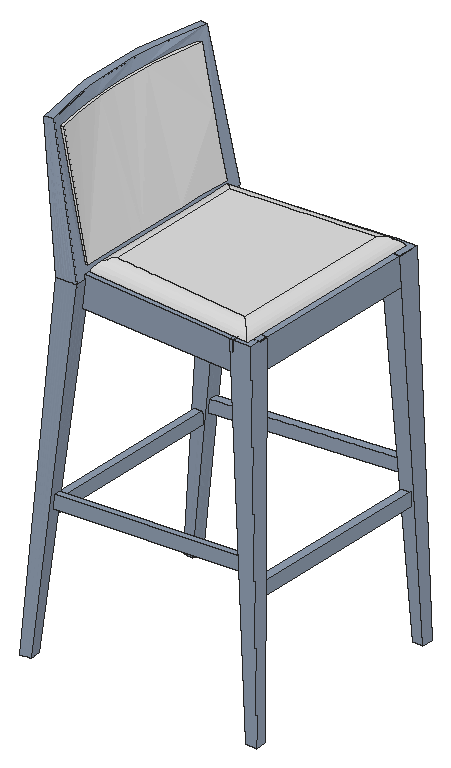
Revit family "FU_Stool_Sandler_FLAME 4-1", category Furniture, Revit 2020
Family settings
  OmniClass Number = 23.21.23.15.17
  Work Plane-Based = Yes
  Always vertical = No
  Cut with Voids When Loaded = No
  Shared = No
  Room Calculation Point = No
Parameters (values of type "FLAME 4.1")
  Youtube clip = ""
  Uniformat II Description = "Movable Furnishings"
  Uniformat II Code = ""
  Uniclass 2015 Name = ""
  Uniclass 2015 Code = ""
  Uniclass 2.0 Description = ""
  Uniclass 2.0 Code = ""
  Uniclass 1.4 Description = ""
  Uniclass 1.4 Code = ""
  UNSPSC Code = ""
  Technical description = ""
  Shell Material = Fabric - Gravity - Frost CPC32
  Frame Material = Wood - Beech - 5014 Light Blue
  Region South America = "All"
  Region Oceania = "All"
  Region North America = "All"
  Region Middle East = "All"
  Region Europe = "All"
  Region Asia = "All"
  Region Antarctica = "All"
  Region Africa = "All"
  QR code = "https://www.sandlerseating.com/product/flame-4-1/"
  Product url = "https://www.sandlerseating.com/product/flame-4-1/"
  Product name = "FLAME 4.1"
  Product group = "Chair"
  Product family = "Furniture"
  Product data url = "https://www.sandlerseating.com/product/flame-4-1/"
  Product certification = ""
  Product SKU = "??"
  Product Guid = "??"
  OmniClass Description = ""
  OmniClass Code = "23-21 23 15 17"
  NBS Reference Description = ""
  NBS Reference Code = ""
  Model = "FLAME 4.1"
  Masterformat 2014 Description = "Chair Mats"
  Masterformat 2014 Code = "12 48 43.13"
  Manufacturer name = "Sandler"
  Manufacturer country = "USA"
  Manufacturer = "Sandler"
  Installation instructions = ""
  IFC Classification = "Furnishing Element"
  GTIN code = ""
  Edition number = 1
  Design country = "Brasil"
  Description = "Chair"
  Default Elevation = 0.000 mm
  Date of publishing = ""
  COBIe Type Category = ""
  Brand url = "https://www.sandlerseating.com/"
  BIMobject main category code = "furniture"
  BIMobject main category = "Furniture"
  BIMobject category code = "furniture-chair"
  BIMobject category = "Chair"
Reference planes
  plane 1 "Center Front/Back": y = 0
  plane 2: z = 0
  plane 3 "Center Left/Right": x = 0
Forms (mm)
  Blend 1, solid, material "Wood - Beech - 5014 Light Blue" <- "Frame Material"
    base sketch origin (0, 0, 840) x (0, -1, 0) y (1, 0, 0)
      loop
        line (206.428, -244.245) -> (202.227, -228.065)
        arc (202.227, -228.065) -> (-0.191, -253.913) -> (-202.608, -228.065) r 805.507
        line (-202.608, -228.065) -> (-206.809, -244.245)
        arc (-206.809, -244.245) -> (-0.191, -271.195) -> (206.428, -244.245) r 805.507
    top sketch origin (0, 0, 840) x (0, -1, 0) y (1, 0, 0)
      loop
        line (212.798, -170.814) -> (-216.181, -170.814) -> (-216.181, -215.269) -> (212.798, -215.269) -> (212.798, -170.814)
    from 176.957 to -111.665
  Blend 2, solid, material "Wood - Beech - 5014 Light Blue" <- "Frame Material"
    base sketch origin (0, 0, 840) x (0, -1, 0) y (1, 0, 0)
      loop
        line (212.798, -170.814) -> (179.118, -170.814) -> (179.118, -215.269) -> (212.798, -215.269) -> (212.798, -170.814)
    top sketch origin (0, 0, 840) x (0, -1, 0) y (1, 0, 0)
      loop
        line (227.59, -278.14) -> (224.456, -255.841) -> (203.319, -258.812) -> (206.453, -281.11) -> (227.59, -278.14)
    from -111.665 to -840
  Blend 3, solid, material "Wood - Beech - 5014 Light Blue" <- "Frame Material"
    base sketch origin (0, 0, 840) x (0, 1, 0) y (-1, 0, 0)
      loop
        line (212.798, 170.814) -> (212.798, 215.269) -> (179.118, 215.269) -> (179.118, 170.814) -> (212.798, 170.814)
    top sketch origin (0, 0, 840) x (0, 1, 0) y (-1, 0, 0)
      loop
        line (227.59, 278.14) -> (206.453, 281.11) -> (203.319, 258.812) -> (224.456, 255.841) -> (227.59, 278.14)
    from -111.665 to -840
  Blend 4, solid, material "Wood - Beech - 5014 Light Blue" <- "Frame Material"
    base sketch origin (0, 0, 840) x (0, -1, 0) y (1, 0, 0)
      loop
        line (218.062, 156.436) -> (218.062, 199.544) -> (174.709, 199.544) -> (174.709, 156.436) -> (218.062, 156.436)
    top sketch origin (0, 0, 840) x (0, -1, 0) y (1, 0, 0)
      loop
        line (230.447, 199.544) -> (230.447, 221.783) -> (207.908, 221.783) -> (207.908, 199.544) -> (230.447, 199.544)
    from -97.151 to -840
  Blend 5, solid, material "Wood - Beech - 5014 Light Blue" <- "Frame Material"
    base sketch origin (0, 0, 840) x (0, 1, 0) y (-1, 0, 0)
      loop
        line (218.062, -156.436) -> (174.709, -156.436) -> (174.709, -199.544) -> (218.062, -199.544) -> (218.062, -156.436)
    top sketch origin (0, 0, 840) x (0, 1, 0) y (-1, 0, 0)
      loop
        line (230.447, -199.544) -> (207.908, -199.544) -> (207.908, -221.783) -> (230.447, -221.783) -> (230.447, -199.544)
    from -97.151 to -840
  Blend 6, solid, material "Wood - Beech - 5014 Light Blue" <- "Frame Material"
    base sketch origin (0, 0, 0) x (0, 1, 0) y (0, 0, 1)
      loop
        line (-218.062, 742.849) -> (-218.062, 682.971) -> (-204.937, 682.971) -> (-204.937, 742.849) -> (-218.062, 742.849)
    top sketch origin (0, 0, 0) x (0, 1, 0) y (0, 0, 1)
      loop
        line (-189.653, 672.324) -> (-174.929, 672.324) -> (-174.929, 737.913) -> (-189.653, 737.913) -> (-189.653, 672.324)
    from 161.383 to -192.54
  Blend 7, solid, material "Wood - Beech - 5014 Light Blue" <- "Frame Material"
    base sketch origin (0, 0, 0) x (0, -1, 0) y (0, 0, -1)
      loop
        line (-218.062, -742.849) -> (-204.937, -742.849) -> (-204.937, -682.971) -> (-218.062, -682.971) -> (-218.062, -742.849)
    top sketch origin (0, 0, 0) x (0, -1, 0) y (0, 0, -1)
      loop
        line (-189.653, -672.324) -> (-189.653, -737.913) -> (-174.929, -737.913) -> (-174.929, -672.324) -> (-189.653, -672.324)
    from 161.383 to -192.54
  Extrusion 8, void
    sketch origin (0, 0, 0) x (0, 1, 0) y (0, 0, 1)
      loop
        line (-184.086, 995.677) -> (-184.086, 753.309) -> (179.487, 753.309) -> (179.487, 995.677) -> (-184.086, 995.677)
    from -292.998 to -149.212
  Blend 9, solid, material "Fabric - Gravity - Frost CPC32" <- "Shell Material"
    base sketch origin (0, 0, 840) x (0, -1, 0) y (1, 0, 0)
      loop
        line (208.187, -251.02) -> (200.468, -221.289)
        arc (200.468, -221.289) -> (-0.191, -246.913) -> (-200.849, -221.289) r 798.507
        line (-200.849, -221.289) -> (-208.568, -251.02)
        arc (-208.568, -251.02) -> (-0.191, -278.195) -> (208.187, -251.02) r 812.507
    top sketch origin (0, 0, 840) x (0, -1, 0) y (1, 0, 0)
      loop
        line (212.798, -222.269) -> (212.798, -163.814) -> (-216.181, -163.814) -> (-216.181, -222.269) -> (212.798, -222.269)
    from 176.957 to -111.665
  Extrusion 10, void
    sketch origin (0, 0, 0) x (0, 1, 0) y (0, 0, 1)
      loop
        line (-184.086, 995.677) -> (-184.086, 753.309) -> (179.487, 753.309) -> (179.487, 995.677) -> (-184.086, 995.677)
      loop
        line (-306.176, 1081.033) -> (-306.176, 681.033) -> (293.824, 681.033) -> (293.824, 1081.033) -> (-306.176, 1081.033)
    from -292.998 to -149.212
  Blend 11, solid, material "Wood - Beech - 5014 Light Blue" <- "Frame Material"
    base sketch origin (0, 0, 0) x (0, 1, 0) y (0, 0, 1)
      loop
        line (-218.984, 341.9) -> (-218.984, 314.337) -> (-203.886, 314.337) -> (-203.886, 341.9) -> (-218.984, 341.9)
    top sketch origin (0, 0, 0) x (0, 1, 0) y (0, 0, 1)
      loop
        line (-211.675, 316.109) -> (-211.675, 288.589) -> (-197.037, 288.589) -> (-197.037, 316.109) -> (-211.675, 316.109)
    from 187.53 to -226.537
  Blend 12, solid, material "Wood - Beech - 5014 Light Blue" <- "Frame Material"
    base sketch origin (0, 0, 0) x (0, -1, 0) y (0, 0, -1)
      loop
        line (-218.062, -742.849) -> (-204.937, -742.849) -> (-204.937, -682.971) -> (-218.062, -682.971) -> (-218.062, -742.849)
    top sketch origin (0, 0, 0) x (0, -1, 0) y (0, 0, -1)
      loop
        line (-189.653, -672.324) -> (-189.653, -737.913) -> (-174.929, -737.913) -> (-174.929, -672.324) -> (-189.653, -672.324)
    from 161.383 to -192.54
  Blend 13, solid, material "Wood - Beech - 5014 Light Blue" <- "Frame Material"
    base sketch origin (0, 0, 0) x (0, -1, 0) y (0, 0, -1)
      loop
        line (-218.984, -341.9) -> (-203.886, -341.9) -> (-203.886, -314.337) -> (-218.984, -314.337) -> (-218.984, -341.9)
    top sketch origin (0, 0, 0) x (0, -1, 0) y (0, 0, -1)
      loop
        line (-211.675, -316.109) -> (-197.037, -316.109) -> (-197.037, -288.589) -> (-211.675, -288.589) -> (-211.675, -316.109)
    from 187.53 to -226.537
  Extrusion 14, solid, material "Wood - Beech - 5014 Light Blue" <- "Frame Material"
    sketch origin (0, 0, 0) x (-1, 0, 0) y (0, 0, 1)
      loop
        line (-187.472, 262.016) -> (-187.472, 290.491) -> (-205.852, 290.491) -> (-205.852, 262.016) -> (-187.472, 262.016)
    from -203.886 to 204.233
  Extrusion 15, solid, material "Wood - Beech - 5014 Light Blue" <- "Frame Material"
    sketch origin (0, 0, 0) x (-1, 0, 0) y (0, 0, 1)
      loop
        line (247.608, 289.985) -> (231.884, 289.985) -> (231.884, 263.123) -> (247.608, 263.123) -> (247.608, 289.985)
    from -203.886 to 203.799
  Extrusion 16, solid, material "Wood - Beech - 5014 Light Blue" <- "Frame Material"
    sketch origin (0, 0, 0) x (-1, 0, 0) y (0, 0, 1)
      loop
        line (-199.544, 742.849) -> (-199.544, 682.849) -> (-179.544, 682.849) -> (-179.544, 742.849) -> (-199.544, 742.849)
    from -193.749 to 204.937
  Extrusion 17, solid, material "Wood - Beech - 5014 Light Blue" <- "Frame Material"
    sketch origin (0, 0, 0) x (-1, 0, 0) y (0, 0, 1)
      loop
        line (215.269, 728.335) -> (192.54, 728.335) -> (192.54, 672.324) -> (215.269, 672.324) -> (215.269, 728.335)
    from -193.749 to 204.937
  Extrusion 18, solid, material "Fabric - Gravity - Frost CPC32" <- "Shell Material"
    sketch origin (0, 0, 840) x (0, -1, 0) y (1, 0, 0)
      loop
        line (179.892, -171.021) -> (211.435, 187.53) -> (-211.435, 187.53) -> (-179.892, -171.021) -> (179.892, -171.021)
    from -111.665 to -76.665
  Sweep 19, void
    path in 3D
      loop
        line (187.53, 211.435, 763.335) -> (-171.021, 179.892, 763.335) -> (-171.021, -179.892, 763.335) -> (187.53, -211.435, 763.335) -> (187.53, 211.435, 763.335)
    profile origin (187.53, 0, 763.335) x (-1, 0, 0) y (0, 0, 1)
      loop
        line (0, 0) -> (0, -35)
        arc (0, -35) -> (10.251, -10.251) -> (35, 0) r 35
        line (35, 0) -> (0, 0)
Cuts and joins
  Extrusion 8 cuts Blend 1
  Extrusion 10 cuts Blend 9
  Sweep 19 cuts Extrusion 18
Lines and regions (mm)
  sketch lines
    curve 1: line (187.53, -211.435, 763.335) -> (187.53, 211.435, 763.335)
    curve 2: line (187.53, 211.435, 763.335) -> (-171.021, 179.892, 763.335)
    curve 3: line (-171.021, 179.892, 763.335) -> (-171.021, -179.892, 763.335)
    curve 4: line (-171.021, -179.892, 763.335) -> (187.53, -211.435, 763.335)
Dimensions and locks
  aligned and locked: level to plane 2
